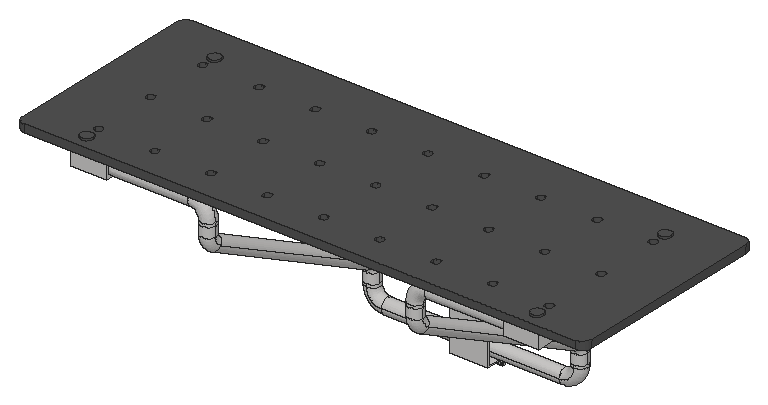
Revit family "RBA4157-777-004", category Plumbing Fixtures, Revit 2021
Family settings
  Round Connector Dimension = Use Diameter
  Part Type = Normal
  Work Plane-Based = No
  Always vertical = Yes
  Cut with Voids When Loaded = No
  Shared = No
  Room Calculation Point = No
Parameters (values of type "RBA4157-777-004")
  Watermarked By = "www.rba.com.au"
  URL = "http://www.rba.com.au/catalogue/category/backrests-and-shower-seats"
  Phone Number = "1300 788 778"
  Offset = 475 mm
  Modified Issue = "20200108.01"
  Model = "RBA4157-777-004"
  Materials and Finishes = #304 Satin Stainless Steel Frame with Black Phenolic Seat
  Manufacturer = "Bobrick"
  Description = "Phenolic Folding Shower Seat"
  Default Elevation = 0 mm
  Copyright by = "RBA Group"  # constant formula
  Accessible Compliant = "AS1428.1-2009 Compliant"
Reference planes
  plane 1 "Center (Front/Back)": y = 0
  plane 2: z = 0
  plane 3 "Center (Left/Right)": x = 0
  plane 4: z = 475
  plane 5: x = -247.5
  plane 6: x = 247.5
  plane 7: x = -30
  plane 8: x = 30
Forms (mm)
  Extrusion 1, solid, material "#304 Satin Stainless Steel Frame with Black Phenolic Seat" <- "Materials and Finishes"
    sketch origin (0, 0, 0) x (1, 0, 0) y (0, 1, 0)
      loop
        arc (-465, -35) -> (-475.607, -39.393) -> (-480, -50) r 15
        line (-480, -50) -> (-480, -375)
        arc (-480, -375) -> (-475.607, -385.607) -> (-465, -390) r 15
        line (-465, -390) -> (465, -390)
        arc (465, -390) -> (475.607, -385.607) -> (480, -375) r 15
        line (480, -375) -> (480, -50)
        arc (480, -50) -> (475.607, -39.393) -> (465, -35) r 15
        line (465, -35) -> (-465, -35)
      loop
        circle (-380, -120) r 7
      loop
        circle (-285, -120) r 7
      loop
        circle (-190, -120) r 7
      loop
        circle (-95, -120) r 7
      loop
        circle (0, -120) r 7
      loop
        circle (95, -120) r 7
      loop
        circle (190, -120) r 7
      loop
        circle (285, -120) r 7
      loop
        circle (380, -120) r 7
      loop
        circle (-380, -230) r 7
      loop
        circle (-285, -230) r 7
      loop
        circle (-190, -230) r 7
      loop
        circle (-95, -230) r 7
      loop
        circle (0, -230) r 7
      loop
        circle (95, -230) r 7
      loop
        circle (190, -230) r 7
      loop
        circle (285, -230) r 7
      loop
        circle (380, -230) r 7
      loop
        circle (-380, -340) r 7
      loop
        circle (-285, -340) r 7
      loop
        circle (-190, -340) r 7
      loop
        circle (-95, -340) r 7
      loop
        circle (0, -340) r 7
      loop
        circle (95, -340) r 7
      loop
        circle (190, -340) r 7
      loop
        circle (285, -340) r 7
      loop
        circle (380, -340) r 7
    from 462 to 475
  Extrusion 2, solid, material "Stainless Steel - Type 304 - Satin Finish"
    sketch origin (0, 0, 0) x (1, 0, 0) y (0, 0, 1)
      loop
        circle (-247.5, 360) r 37.5
    from 0 to 4
  Extrusion 3, solid, material "Stainless Steel - Type 304 - Satin Finish"
    sketch origin (0, 0, 0) x (1, 0, 0) y (0, 0, 1)
      loop
        circle (-228.055, 379.445) r 2.5
      loop
        circle (-266.945, 379.445) r 2.5
      loop
        circle (-247.5, 332.5) r 2.5
    from 4 to 6
  Sweep 4, solid, material "Stainless Steel - Type 304 - Satin Finish"
    path origin (0, 0, 0) x (1, 0, 0) y (0, 0, 1)
      loop
        line (-335, 447) -> (335, 447)
    profile origin (0, 0, 447) x (0, 0, 1) y (0, -1, 0)
      loop
        circle (0, 95) r 12.5
  Sweep 5, solid, material "Stainless Steel - Type 304 - Satin Finish"
    path origin (0, 0, 0) x (0, 1, 0) y (0, 0, 1)
      loop
        line (-95, 447) -> (-95, 405)
        arc (-95, 405) -> (-81.82, 373.18) -> (-50, 360) r 45
        line (-50, 360) -> (-4, 360)
    profile origin (0, -95, 426) x (1, 0, 0) y (0, 1, 0)
      loop
        circle (-247.782, 0) r 12.5
  Extrusion 6, solid, material "Stainless Steel - Type 304 - Satin Finish"
    sketch origin (495, 0, 0) x (1, 0, 0) y (0, 0, 1)
      loop
        circle (-247.5, 360) r 37.5
    from 0 to 4
  Extrusion 7, solid, material "Stainless Steel - Type 304 - Satin Finish"
    sketch origin (495, 0, 0) x (1, 0, 0) y (0, 0, 1)
      loop
        circle (-228.055, 379.445) r 2.5
      loop
        circle (-266.945, 379.445) r 2.5
      loop
        circle (-247.5, 332.5) r 2.5
    from 4 to 6
  Sweep 8, solid, material "Stainless Steel - Type 304 - Satin Finish"
    path origin (247.5, 0, 0) x (0, 1, 0) y (0, 0, 1)
      loop
        line (-95, 447) -> (-95, 405)
        arc (-95, 405) -> (-81.82, 373.18) -> (-50, 360) r 45
        line (-50, 360) -> (-4, 360)
    profile origin (247.5, -95, 426) x (1, 0, 0) y (0, 1, 0)
      loop
        circle (0, 0) r 12.5
  Sweep 9, solid, material "Stainless Steel - Type 304 - Satin Finish"
    path origin (0, 0, 0) x (1, 0, 0) y (0, 0, 1)
      loop
        line (335, 447) -> (200, 447)
        arc (200, 447) -> (182.322, 439.678) -> (175, 422) r 25
        line (175, 422) -> (175, 417)
    profile origin (267.5, 0, 447) x (0, 0, -1) y (0, -1, 0)
      loop
        circle (0, 365) r 12.5
  Sweep 10, solid, material "Stainless Steel - Type 304 - Satin Finish"
    path origin (0, 0, 0) x (1, 0, 0) y (0, 0, 1)
      loop
        line (175, 178.363) -> (175, 173.363)
        arc (175, 173.363) -> (167.678, 155.686) -> (150, 148.363) r 25
        line (150, 148.363) -> (-150, 148.363)
        arc (-150, 148.363) -> (-167.678, 155.686) -> (-175, 173.363) r 25
        line (-175, 173.363) -> (-175, 178.363)
    profile origin (175, 0, 175.863) x (0, -1, 0) y (1, 0, 0)
      loop
        circle (18.477, 0) r 12.5
  Sweep 11, solid, material "Stainless Steel - Type 304 - Satin Finish"
    path origin (0, 500, 0) x (0, 1, 0) y (0, 0, 1)
      loop
        line (-865, 417) -> (-865, 399.976)
        arc (-865, 399.976) -> (-862.098, 389.6) -> (-854.235, 382.235) r 20
        line (-854.235, 382.235) -> (-529.242, 213.056)
        arc (-529.242, 213.056) -> (-521.379, 205.691) -> (-518.477, 195.316) r 20
        line (-518.477, 195.316) -> (-518.477, 178.363)
    profile origin (0, -365, 408.488) x (1, 0, 0) y (0, 1, 0)
      loop
        circle (175, 0) r 12.5
  Sweep 12, solid, material "Stainless Steel - Type 304 - Satin Finish"
    path origin (0, 500, 0) x (0, 1, 0) y (0, 0, -1)
      loop
        line (-865, -417) -> (-865, -399.976)
        arc (-865, -399.976) -> (-862.098, -389.6) -> (-854.235, -382.235) r 20
        line (-854.235, -382.235) -> (-529.242, -213.056)
        arc (-529.242, -213.056) -> (-521.379, -205.691) -> (-518.477, -195.316) r 20
        line (-518.477, -195.316) -> (-518.477, -178.363)
    profile origin (0, -365, 408.488) x (-1, 0, 0) y (0, -1, 0)
      loop
        circle (175, 0) r 12.5
  Sweep 13, solid, material "Stainless Steel - Type 304 - Satin Finish"
    path origin (0, 0, 0) x (-1, 0, 0) y (0, 0, 1)
      loop
        line (335, 447) -> (200, 447)
        arc (200, 447) -> (182.322, 439.678) -> (175, 422) r 25
        line (175, 422) -> (175, 417)
    profile origin (-267.5, 0, 447) x (0, 0, 1) y (0, -1, 0)
      loop
        circle (0, 365) r 12.5
  Extrusion 14, solid, material "Stainless Steel - Type 304 - Satin Finish"
    sketch origin (0, 500, 0) x (0, 1, 0) y (0, 0, 1)
      loop
        line (-580, 462) -> (-610, 462) -> (-610, 432) -> (-580, 432) -> (-580, 462)
      loop
        line (-850, 462) -> (-880, 462) -> (-880, 432) -> (-850, 432) -> (-850, 462)
    from 335 to 395
  Extrusion 15, solid, material "Stainless Steel - Type 304 - Satin Finish"
    sketch origin (0, 500, 0) x (0, 1, 0) y (0, 0, -1)
      loop
        line (-580, -462) -> (-580, -432) -> (-610, -432) -> (-610, -462) -> (-580, -462)
      loop
        line (-850, -462) -> (-850, -432) -> (-880, -432) -> (-880, -462) -> (-850, -462)
    from 335 to 395
  Extrusion 16, solid, material "#304 Satin Stainless Steel Frame with Black Phenolic Seat" <- "Materials and Finishes"
    sketch origin (0, 0, 0) x (1, 0, 0) y (0, 1, 0)
      loop
        circle (-380, -95) r 10
      loop
        circle (-380, -365) r 10
      loop
        circle (380, -95) r 10
      loop
        circle (380, -365) r 10
    from 475 to 477
  Sweep 17, solid, material "Stainless Steel - Type 304 - Satin Finish"
    path origin (0, 500, 0) x (0, 1, 0) y (0, 0, 1)
      loop
        line (-503, 310) -> (-503, 299) -> (-532.979, 299) -> (-532.979, 126) -> (-503, 126) -> (-503, 115)
    profile origin (0, -3, 304.5) x (1, 0, 0) y (0, 1, 0)
      loop
        line (-32.5, 1) -> (-32.5, -1) -> (32.5, -1) -> (32.5, 1) -> (-32.5, 1)
  Extrusion 18, solid, material "Stainless Steel - Type 304 - Satin Finish"
    sketch origin (0, 500, 0) x (1, 0, 0) y (0, 1, 0)
      loop
        line (-32.5, -500) -> (-32.5, -502) -> (32.5, -502) -> (32.5, -500) -> (-32.5, -500)
    from 115 to 310
  Extrusion 19, solid, material "Stainless Steel - Type 304 - Satin Finish"
    sketch origin (0, 500, 0) x (1, 0, 0) y (0, 0, 1)
      loop
        circle (-30, 305) r 2.48
      loop
        circle (-30, 120) r 2.48
      loop
        circle (30, 305) r 2.48
      loop
        circle (30, 120) r 2.48
    from 504 to 506
Cuts and joins
  joined: Extrusion 2, Sweep 4, Sweep 5, Extrusion 6, Sweep 8
  joined: Sweep 9, Sweep 10, Sweep 11, Sweep 12, Sweep 13
  joined: Extrusion 1, Extrusion 16
Dimensions and locks
  "Offset": plane 4 to level
  aligned and locked: level to plane 2
Automatic sketch dimensions
  Extrusion 1 sketch curve to plane 3 "Center (Left/Right)" = 0 mm  (x3)
  Extrusion 1 sketch curve to Extrusion 1 sketch curve = 95 mm  (x19)
  Extrusion 1 sketch curve to plane 3 "Center (Left/Right)" = 95 mm  (x2)
  plane 1 "Center (Front/Back)" to Extrusion 1 sketch curve = 50 mm  (x2)
  Extrusion 1 sketch curve to Extrusion 1 sketch curve = 85 mm  (x3)
  Extrusion 1 sketch curve to Extrusion 1 sketch curve = 15 mm  (x2)
  plane 3 "Center (Left/Right)" to Extrusion 1 sketch curve = 95 mm  (x3)
  Extrusion 1 sketch curve to Extrusion 1 sketch curve = 70 mm  (x2)
  Extrusion 1 sketch curve to Extrusion 1 sketch curve = 0 mm  (x21)
  Extrusion 1 sketch curve to Extrusion 1 sketch curve = 110 mm  (x4)
  Extrusion 1 sketch curve to Extrusion 1 sketch curve = 35 mm
  Extrusion 2 sketch curve to plane 4 = 115 mm
  Extrusion 2 sketch curve to plane 3 "Center (Left/Right)" = 247.5 mm
  Extrusion 3 sketch curve to plane 4 = 95.555 mm
  Extrusion 3 sketch curve to plane 3 "Center (Left/Right)" = 266.945 mm
  Extrusion 3 sketch curve to Extrusion 3 sketch curve = 19.445 mm
  Extrusion 3 sketch curve to Extrusion 3 sketch curve = 38.891 mm
  Extrusion 3 sketch curve to Extrusion 3 sketch curve = 46.945 mm
  Extrusion 3 sketch curve to Extrusion 3 sketch curve = 0 mm
  Sweep 4 sketch curve to plane 4 = 28 mm
  Sweep 4 sketch curve to plane 3 "Center (Left/Right)" = 335 mm
  plane 3 "Center (Left/Right)" to Sweep 4 sketch curve = 335 mm
  profile plane to Sweep 4 sketch curve = 0 mm
  plane 1 "Center (Front/Back)" to Sweep 4 sketch curve = 95 mm
  plane 1 "Center (Front/Back)" to Sweep 5 sketch curve = 95 mm
  Sweep 5 sketch curve to Sweep 5 sketch curve = 45 mm
  Sweep 5 sketch curve to plane 4 = 115 mm
  plane 1 "Center (Front/Back)" to Sweep 5 sketch curve = 4 mm
  Sweep 5 sketch curve to plane 4 = 28 mm
  profile plane to Sweep 5 sketch curve = 0 mm
  Sweep 5 sketch curve to plane 3 "Center (Left/Right)" = 247.782 mm
  Extrusion 6 sketch curve to plane 4 = 115 mm
  plane 3 "Center (Left/Right)" to Extrusion 6 sketch curve = 247.5 mm
  Extrusion 7 sketch curve to plane 4 = 95.555 mm
  plane 3 "Center (Left/Right)" to Extrusion 7 sketch curve = 228.055 mm
  Extrusion 7 sketch curve to Extrusion 7 sketch curve = 19.445 mm
  Extrusion 7 sketch curve to Extrusion 7 sketch curve = 38.891 mm
  Extrusion 7 sketch curve to Extrusion 7 sketch curve = 46.945 mm
  Extrusion 7 sketch curve to Extrusion 7 sketch curve = 0 mm
  plane 1 "Center (Front/Back)" to Sweep 8 sketch curve = 95 mm
  Sweep 8 sketch curve to Sweep 8 sketch curve = 45 mm
  Sweep 8 sketch curve to plane 4 = 115 mm
  plane 1 "Center (Front/Back)" to Sweep 8 sketch curve = 4 mm
  Sweep 8 sketch curve to plane 4 = 28 mm
  profile plane to Sweep 8 sketch curve = 0 mm
  Sweep 8 sketch curve to profile plane = 0 mm
  Sweep 9 sketch curve to plane 4 = 53 mm
  plane 3 "Center (Left/Right)" to Sweep 9 sketch curve = 175 mm
  Sweep 9 sketch curve to Sweep 9 sketch curve = 25 mm
  Sweep 9 sketch curve to Sweep 9 sketch curve = 135 mm
  Sweep 9 sketch curve to Sweep 9 sketch curve = 5 mm
  Sweep 9 sketch curve to profile plane = 0 mm
  plane 1 "Center (Front/Back)" to Sweep 9 sketch curve = 365 mm
  Sweep 10 sketch curve to plane 3 "Center (Left/Right)" = 175 mm
  Sweep 10 sketch curve to Sweep 10 sketch curve = 25 mm  (x2)
  plane 3 "Center (Left/Right)" to Sweep 10 sketch curve = 150 mm
  level to Sweep 10 sketch curve = 148.363 mm
  Sweep 10 sketch curve to Sweep 10 sketch curve = 5 mm  (x2)
  Sweep 10 sketch curve to profile plane = 0 mm
  plane 1 "Center (Front/Back)" to Sweep 10 sketch curve = 18.477 mm
  Sweep 11 sketch curve to plane 4 = 75.024 mm
  plane 1 "Center (Front/Back)" to Sweep 11 sketch curve = 365 mm
  Sweep 11 sketch curve to plane 4 = 92.765 mm
  Sweep 11 sketch curve to Sweep 11 sketch curve = 10.765 mm
  plane 1 "Center (Front/Back)" to Sweep 11 sketch curve = 38.477 mm
  Sweep 11 sketch curve to Sweep 11 sketch curve = 9.235 mm
  plane 1 "Center (Front/Back)" to Sweep 11 sketch curve = 18.477 mm
  level to Sweep 11 sketch curve = 213.056 mm
  Sweep 11 sketch curve to Sweep 11 sketch curve = 16.953 mm
  Sweep 11 sketch curve to Sweep 11 sketch curve = 17.024 mm
  profile plane to Sweep 11 sketch curve = 0 mm
  plane 3 "Center (Left/Right)" to Sweep 11 sketch curve = 175 mm
  Sweep 12 sketch curve to plane 4 = 75.024 mm
  plane 1 "Center (Front/Back)" to Sweep 12 sketch curve = 365 mm
  Sweep 12 sketch curve to plane 4 = 92.765 mm
  Sweep 12 sketch curve to Sweep 12 sketch curve = 10.765 mm
  plane 1 "Center (Front/Back)" to Sweep 12 sketch curve = 38.477 mm
  Sweep 12 sketch curve to Sweep 12 sketch curve = 9.235 mm
  plane 1 "Center (Front/Back)" to Sweep 12 sketch curve = 18.477 mm
  level to Sweep 12 sketch curve = 213.056 mm
  Sweep 12 sketch curve to Sweep 12 sketch curve = 17.024 mm
  Sweep 12 sketch curve to Sweep 12 sketch curve = 16.953 mm
  Sweep 12 sketch curve to profile plane = 0 mm
  profile plane to Sweep 12 sketch curve = 175 mm
  plane 4 to Sweep 13 sketch curve = 53 mm
  plane 3 "Center (Left/Right)" to Sweep 13 sketch curve = 175 mm
  Sweep 13 sketch curve to Sweep 13 sketch curve = 25 mm
  Sweep 13 sketch curve to Sweep 13 sketch curve = 135 mm
  Sweep 13 sketch curve to Sweep 13 sketch curve = 5 mm
  profile plane to Sweep 13 sketch curve = 0 mm
  plane 1 "Center (Front/Back)" to Sweep 13 sketch curve = 365 mm
  Extrusion 14 sketch curve to plane 4 = 13 mm  (x2)
  plane 1 "Center (Front/Back)" to Extrusion 14 sketch curve = 380 mm
  Extrusion 14 sketch curve to Extrusion 14 sketch curve = 30 mm  (x4)
  plane 1 "Center (Front/Back)" to Extrusion 14 sketch curve = 110 mm
  Extrusion 15 sketch curve to plane 4 = 13 mm  (x2)
  plane 1 "Center (Front/Back)" to Extrusion 15 sketch curve = 380 mm
  Extrusion 15 sketch curve to Extrusion 15 sketch curve = 30 mm  (x4)
  plane 1 "Center (Front/Back)" to Extrusion 15 sketch curve = 110 mm
  Extrusion 16 sketch curve to plane 3 "Center (Left/Right)" = 380 mm
  plane 1 "Center (Front/Back)" to Extrusion 16 sketch curve = 95 mm  (x2)
  Extrusion 16 sketch curve to Extrusion 16 sketch curve = 0 mm  (x2)
  plane 3 "Center (Left/Right)" to Extrusion 16 sketch curve = 380 mm
  Extrusion 16 sketch curve to Extrusion 16 sketch curve = 270 mm  (x2)
  plane 1 "Center (Front/Back)" to Sweep 17 sketch curve = 32.979 mm
  plane 1 "Center (Front/Back)" to Sweep 17 sketch curve = 3 mm  (x2)
  level to Sweep 17 sketch curve = 126 mm
  Sweep 17 sketch curve to Sweep 17 sketch curve = 173 mm
  Sweep 17 sketch curve to Sweep 17 sketch curve = 11 mm  (x2)
  profile plane to Sweep 17 sketch curve = 1 mm
  Sweep 17 sketch curve to profile plane = 32.5 mm
  profile plane to Sweep 17 sketch curve = 32.5 mm
  Sweep 17 sketch curve to profile plane = 1 mm
  plane 1 "Center (Front/Back)" to Extrusion 18 sketch curve = 0 mm
  plane 1 "Center (Front/Back)" to Extrusion 18 sketch curve = 2 mm
  Extrusion 18 sketch curve to plane 3 "Center (Left/Right)" = 32.5 mm
  plane 3 "Center (Left/Right)" to Extrusion 18 sketch curve = 32.5 mm
  Extrusion 19 sketch curve to plane 7 = 0 mm  (x2)
  plane 3 "Center (Left/Right)" to Extrusion 19 sketch curve = 30 mm  (x2)
  level to Extrusion 19 sketch curve = 120 mm
  Extrusion 19 sketch curve to Extrusion 19 sketch curve = 0 mm  (x2)
  Extrusion 19 sketch curve to plane 4 = 170 mm
  radius of Extrusion 1 sketch curve = 7 mm  (x27)
  radius of Extrusion 2 sketch curve = 37.5 mm
  radius of Extrusion 3 sketch curve = 2.5 mm  (x3)
  radius of Sweep 4 sketch curve = 12.5 mm
  radius of Sweep 5 sketch curve = 12.5 mm
  radius of Extrusion 6 sketch curve = 37.5 mm
  radius of Extrusion 7 sketch curve = 2.5 mm  (x3)
  radius of Sweep 8 sketch curve = 12.5 mm
  radius of Sweep 9 sketch curve = 12.5 mm
  radius of Sweep 10 sketch curve = 12.5 mm
  radius of Sweep 11 sketch curve = 12.5 mm
  radius of Sweep 12 sketch curve = 12.5 mm
  radius of Sweep 13 sketch curve = 12.5 mm
  radius of Extrusion 16 sketch curve = 10 mm  (x4)
  radius of Extrusion 19 sketch curve = 2.48 mm  (x4)
